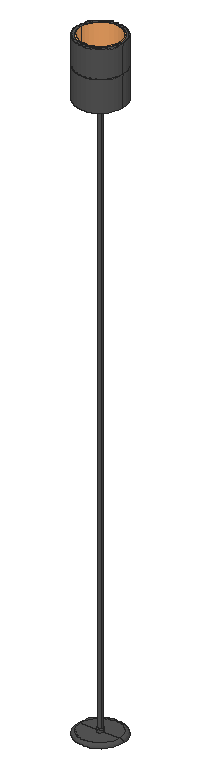
Revit family "MELO CYLINDER PENDANT LIGHT", category Lighting Fixtures, host Face, Revit 2020 (continued)
Types (16): name | Wattage_Input | Wattage Comments | Wattage | Voltage_Input | Size 08 | Size 06 | Size 04 | Selectable Wattage | Photometric Web File | Pendent Rod Length_1 | Pendent | Order number | built-in parameter 1150142 | Model | built-in parameter 1150105 | Lumens | built-in parameter 1150106 | Fixture Diameter | Canopy for Surface Mount J-box | Canopy for Recessed J-Box | Canopy Height | C2 H | C1 H | BEAMING ANGLE
  MELO06R-SP30801-10D-36-GD-BK | 40 W | "40W/30W/20W" | 28.2748 W | 0 V | no | yes | no | 40 W | "MELO06R_SP30801_10D_36.IES" | 4' - 0" | yes | "17296" | "IESNA:LM-63-2002\r\n[TEST] \r\n[TESTLAB] EVERFINE\r\n[TESTDATE] 2023-03-15\r\n[ISSUEDATE] 2023-03-16 13:53:39\r\n[NEARFIELD] \r\n[LAMPPOSITION] 0,0\r\n[OTHER] EVERFINE GO-2000B_V1 SYSTEM\r\n[MANUFAC] Aboveall lighting\r\n[LUMINAIRE] MELO06R-SP30801-10D-36\r\n[OTHER] \r\n[OTHER] Gamma(deg)    Fz(lm)      Ft(lm)     %Lum    %Lamp\r\n[OTHER]   0- 10      1101.39     1101.39    21.78    21.78\r\n[OTHER]  10- 20      2222.30     3323.70    65.72    65.72\r\n[OTHER]  20- 30      1204.20     4527.90    89.53    89.53\r\n[OTHER]  30- 40       332.93     4860.83    96.11    96.11\r\n[OTHER]  40- 50       102.21     4963.04    98.13    98.13\r\n[OTHER]  50- 60        36.37     4999.40    98.85    98.85\r\n[OTHER]  60- 70        25.71     5025.11    99.36    99.36\r\n[OTHER]  70- 80        14.29     5039.41    99.64    99.64\r\n[OTHER]  80- 90         4.27     5043.68    99.72    99.72\r\n[OTHER]  90-100         0.15     5043.83    99.73    99.73\r\n[OTHER] 100-110         0.17     5044.00    99.73    99.73\r\n[OTHER] 110-120         0.22     5044.22    99.73    99.73\r\n[OTHER] 120-130         0.37     5044.59    99.74    99.74\r\n[OTHER] 130-140         0.84     5045.43    99.76    99.76\r\n[OTHER] 140-150         2.24     5047.68    99.80    99.80\r\n[OTHER] 150-160         4.04     5051.71    99.88    99.88\r\n[OTHER] 160-170         4.13     5055.84    99.96    99.96\r\n[OTHER] 170-180         1.82     5057.67   100.00   100.00\r\n[OTHER] \r\nTILT=NONE\r\n1 -1 1 181 25 1 2 -0.150 -0.150 0.000\r\n1.000 1 45.3\r\n0.0    1.0    2.0    3.0    4.0    5.0    6.0    7.0    8.0    9.0    \r\n 10.0   11.0   12.0   13.0   14.0   15.0   16.0   17.0   18.0   19.0   \r\n 20.0   21.0   22.0   23.0   24.0   25.0   26.0   27.0   28.0   29.0   \r\n 30.0   31.0   32.0   33.0   34.0   35.0   36.0   37.0   38.0   39.0   \r\n 40.0   41.0   42.0   43.0   44.0   45.0   46.0   47.0   48.0   49.0   \r\n 50.0   51.0   52.0   53.0   54.0   55.0   56.0   57.0   58.0   59.0   \r\n 60.0   61.0   62.0   63.0   64.0   65.0   66.0   67.0   68.0   69.0   \r\n 70.0   71.0   72.0   73.0   74.0   75.0   76.0   77.0   78.0   79.0   \r\n 80.0   81.0   82.0   83.0   84.0   85.0   86.0   87.0   88.0   89.0   \r\n 90.0   91.0   92.0   93.0   94.0   95.0   96.0   97.0   98.0   99.0   \r\n 100.0  101.0  102.0  103.0  104.0  105.0  106.0  107.0  108.0  109.0  \r\n 110.0  111.0  112.0  113.0  114.0  115.0  116.0  117.0  118.0  119.0  \r\n 120.0  121.0  122.0  123.0  124.0  125.0  126.0  127.0  128.0  129.0  \r\n 130.0  131.0  132.0  133.0  134.0  135.0  136.0  137.0  138.0  139.0  \r\n 140.0  141.0  142.0  143.0  144.0  145.0  146.0  147.0  148.0  149.0  \r\n 150.0  151.0  152.0  153.0  154.0  155.0  156.0  157.0  158.0  159.0  \r\n 160.0  161.0  162.0  163.0  164.0  165.0  166.0  167.0  168.0  169.0  \r\n 170.0  171.0  172.0  173.0  174.0  175.0  176.0  177.0  178.0  179.0  \r\n 180.0  \r\n0.0    15.0   30.0   45.0   60.0   75.0   90.0   105.0  120.0  135.0  \r\n 150.0  165.0  180.0  195.0  210.0  225.0  240.0  255.0  270.0  285.0  \r\n 300.0  315.0  330.0  345.0  360.0  \r\n12402.91 12392.51 12350.66 12274.68 12175.36 12051.26 11876.48 11661.26 11412.75 11145.11 \r\n 10829.91 10481.81 10081.30 9646.91  9168.07  8652.15  8125.55  7538.90  6909.34  6238.51  \r\n 5592.95  4959.88  4367.73  3819.18  3305.35  2847.72  2423.99  2054.65  1727.46  1447.16  \r\n 1232.07  1017.77  856.26   727.08   625.52   544.19   472.65   414.47   359.38   299.54   \r\n 261.06   232.66   204.18   176.06   150.58   129.56   114.58   102.85   92.61    80.49    \r\n 62.06    52.82    46.46    42.49    40.16    38.70    37.36    36.02    34.72    33.36    \r\n 31.97    30.87    29.47    28.14    26.84    25.55    24.27    22.99    21.73    20.50    \r\n 19.28    18.08    16.90    15.77    14.64    13.55    12.48    11.43    10.43    9.45     \r\n 8.49     7.55     6.62     5.76     4.91     4.12     3.32     2.55     1.82     1.13     \r\n 0.45     0.14     0.14     0.14     0.14     0.14     0.14     0.14     0.14     0.15     \r\n 0.15     0.15     0.15     0.15     0.15     0.15     0.15     0.15     0.15     0.15     \r\n 0.16     0.17     0.18     0.21     0.22     0.22     0.22     0.22     0.24     0.25     \r\n 0.28     0.29     0.29     0.31     0.38     0.39     0.39     0.44     0.46     0.51     \r\n 0.54     0.59     0.66     0.76     0.82     0.91     1.03     1.19     1.32     1.49     \r\n 1.68     1.92     2.17     2.46     2.78     3.13     3.52     3.94     4.38     4.85     \r\n 5.37     5.88     6.43     7.01     7.59     8.22     8.80     9.40     10.00    10.62    \r\n 11.20    11.80    12.39    12.95    13.51    14.08    14.66    15.23    15.80    16.32    \r\n 16.86    17.40    17.92    18.41    18.90    19.37    19.80    20.20    20.52    20.76    \r\n 20.88    \r\n12375.28 12368.85 12330.69 12265.49 12173.26 12052.93 11892.31 11693.26 11453.79 11183.65 \r\n 10864.85 10520.69 10122.65 9693.73  9226.44  8725.13  8203.45  7614.25  6987.61  6325.36  \r\n 5683.94  5048.50  4455.22  3897.60  3387.79  2916.16  2502.25  2117.83  1783.22  1501.77  \r\n 1257.53  1054.16  885.60   751.67   646.67   560.97   487.94   426.30   370.80   317.39   \r\n 264.22   235.51   206.78   178.50   152.21   130.99   115.10   103.31   93.21    81.64    \r\n 63.08    53.14    46.60    42.43    40.07    38.55    37.24    35.96    34.64    33.38    \r\n 31.93    30.80    29.46    28.10    26.80    25.54    24.24    22.97    21.72    20.50    \r\n 19.29    18.10    16.92    15.78    14.66    13.57    12.48    11.47    10.45    9.50     \r\n 8.54     7.63     6.72     5.88     5.02     4.22     3.43     2.67     1.93     1.25     \r\n 0.51     0.12     0.12     0.13     0.12     0.13     0.13     0.13     0.13     0.14     \r\n 0.15     0.14     0.16     0.16     0.16     0.16     0.16     0.16     0.16     0.17     \r\n 0.18     0.20     0.20     0.21     0.22     0.23     0.24     0.25     0.27     0.27     \r\n 0.28     0.30     0.32     0.34     0.36     0.38     0.42     0.44     0.48     0.52     \r\n 0.56     0.62     0.67     0.75     0.83     0.93     1.04     1.16     1.31     1.48     \r\n 1.68     1.89     2.14     2.43     2.73     3.09     3.45     3.86     4.30     4.77     \r\n 5.28     5.79     6.34     6.89     7.47     8.04     8.64     9.23     9.85     10.44    \r\n 11.06    11.66    12.25    12.82    13.41    13.99    14.55    15.12    15.66    16.19    \r\n 16.73    17.27    17.80    18.31    18.80    19.31    19.78    20.16    20.48    20.73    \r\n 20.88    \r\n12360.22 12345.17 12293.41 12227.18 12129.37 12007.62 11839.90 11636.94 11384.37 11101.68 \r\n 10770.84 10401.47 9993.22  9558.75  9079.91  8568.68  8030.90  7431.93  6785.83  6137.75  \r\n 5493.87  4872.53  4289.42  3752.23  3256.81  2806.88  2393.08  2026.65  1707.93  1435.69  \r\n 1224.03  1013.10  854.52   729.10   629.11   546.72   474.20   417.54   350.62   295.01   \r\n 258.76   228.92   197.78   169.01   146.08   123.22   109.06   97.96    88.37    74.40    \r\n 58.85    50.48    45.00    41.70    39.64    38.26    36.91    35.45    34.13    32.84    \r\n 31.67    30.40    29.02    27.73    26.43    25.15    23.87    22.61    21.38    20.17    \r\n 18.98    17.78    16.62    15.51    14.39    13.32    12.27    11.23    10.23    9.27     \r\n 8.32     7.39     6.49     5.62     4.81     4.01     3.24     2.49     1.76     1.06     \r\n 0.41     0.15     0.14     0.15     0.16     0.15     0.15     0.17     0.16     0.16     \r\n 0.16     0.16     0.16     0.16     0.16     0.16     0.16     0.16     0.16     0.16     \r\n 0.16     0.17     0.18     0.19     0.21     0.22     0.22     0.22     0.24     0.25     \r\n 0.28     0.29     0.30     0.31     0.35     0.36     0.39     0.43     0.45     0.51     \r\n 0.54     0.60     0.66     0.73     0.82     0.92     1.04     1.18     1.33     1.51     \r\n 1.70     1.94     2.20     2.49     2.82     3.19     3.57     3.98     4.43     4.90     \r\n 5.43     5.95     6.48     7.07     7.63     8.24     8.80     9.40     10.01    10.64    \r\n 11.22    11.79    12.36    12.93    13.50    14.07    14.63    15.19    15.74    16.26    \r\n 16.78    17.34    17.86    18.37    18.85    19.33    19.77    20.15    20.47    20.70    \r\n 20.88    \r\n12342.04 12328.45 12277.55 12207.17 12112.56 11988.94 11828.24 11621.19 11379.74 11094.87 \r\n 10757.49 10383.11 9969.95  9531.01  9046.56  8519.10  7963.27  7337.78  6696.72  6048.63  \r\n 5418.27  4813.18  4250.66  3718.30  3249.33  2780.91  2374.00  2008.27  1690.53  1424.09  \r\n 1192.90  1002.16  847.77   722.19   625.62   540.98   471.70   413.62   345.33   299.63   \r\n 254.09   224.53   192.97   164.41   139.53   118.87   106.52   96.05    85.82    72.50    \r\n 57.48    49.93    44.54    41.19    39.28    37.84    36.50    35.13    33.89    32.65    \r\n 31.45    30.29    28.95    27.68    26.35    25.09    23.80    22.54    21.31    20.09    \r\n 18.88    17.71    16.54    15.40    14.32    13.23    12.16    11.16    10.16    9.21     \r\n 8.28     7.37     6.48     5.65     4.81     4.02     3.24     2.49     1.77     1.10     \r\n 0.39     0.12     0.12     0.13     0.13     0.13     0.13     0.14     0.14     0.14     \r\n 0.14     0.14     0.14     0.15     0.15     0.16     0.17     0.17     0.19     0.19     \r\n 0.19     0.20     0.21     0.21     0.22     0.23     0.24     0.25     0.27     0.28     \r\n 0.29     0.31     0.33     0.35     0.37     0.39     0.42     0.45     0.49     0.53     \r\n 0.57     0.63     0.70     0.77     0.86     0.95     1.07     1.21     1.36     1.54     \r\n 1.73     1.97     2.22     2.51     2.83     3.19     3.57     3.99     4.42     4.90     \r\n 5.39     5.91     6.46     7.01     7.60     8.19     8.80     9.39     9.99     10.60    \r\n 11.20    11.80    12.40    12.96    13.53    14.11    14.68    15.26    15.80    16.33    \r\n 16.88    17.43    17.95    18.48    19.00    19.48    19.91    20.28    20.57    20.77    \r\n 20.88    \r\n12330.52 12308.74 12247.06 12163.84 12058.82 11936.06 11763.18 11550.79 11299.04 11007.46 \r\n 10648.40 10258.55 9835.08  9370.89  8864.52  8306.09  7729.45  7078.04  6430.35  5762.59  \r\n 5144.24  4547.10  3996.61  3484.62  3009.65  2592.29  2198.08  1858.99  1563.55  1334.63  \r\n 1106.55  933.87   792.19   680.04   590.53   515.19   449.93   397.11   327.18   280.22   \r\n 246.38   216.51   185.21   157.01   135.85   114.77   102.17   92.37    83.19    66.71    \r\n 55.44    48.44    43.62    40.78    39.05    37.64    36.28    34.95    33.73    32.43    \r\n 31.34    30.11    28.76    27.47    26.16    24.87    23.58    22.31    21.07    19.86    \r\n 18.66    17.47    16.31    15.20    14.09    13.02    11.97    10.96    9.97     9.02     \r\n 8.07     7.15     6.26     5.42     4.60     3.79     3.03     2.28     1.58     0.88     \r\n 0.27     0.15     0.14     0.14     0.15     0.15     0.14     0.15     0.15     0.16     \r\n 0.16     0.16     0.16     0.16     0.16     0.16     0.16     0.16     0.16     0.16     \r\n 0.16     0.17     0.19     0.21     0.21     0.22     0.22     0.22     0.23     0.25     \r\n 0.28     0.28     0.29     0.34     0.36     0.38     0.39     0.43     0.47     0.51     \r\n 0.56     0.62     0.69     0.76     0.86     0.96     1.09     1.23     1.39     1.57     \r\n 1.78     2.01     2.28     2.59     2.93     3.29     3.69     4.10     4.57     5.05     \r\n 5.59     6.11     6.63     7.22     7.79     8.41     8.99     9.61     10.19    10.81    \r\n 11.37    11.97    12.55    13.13    13.71    14.29    14.84    15.39    15.95    16.51    \r\n 17.06    17.63    18.17    18.67    19.13    19.59    19.99    20.29    20.52    20.67    \r\n 20.88    \r\n12318.25 12293.79 12236.12 12143.08 12037.60 11906.48 11746.52 11519.30 11279.08 10971.03 \r\n 10616.98 10215.60 9778.93  9339.48  8796.29  8267.66  7635.24  7005.43  6307.68  5669.69  \r\n 5009.54  4446.31  3884.61  3394.27  2946.46  2499.47  2144.86  1794.85  1516.63  1275.66  \r\n 1061.81  905.57   765.44   665.29   575.49   505.55   442.66   390.55   328.17   286.46   \r\n 244.87   215.25   186.56   157.66   134.64   116.56   103.74   94.10    83.99    68.68    \r\n 56.01    48.56    43.76    40.77    39.11    37.73    36.40    35.06    33.84    32.66    \r\n 31.54    30.26    28.85    27.56    26.22    24.94    23.64    22.36    21.10    19.88    \r\n 18.66    17.49    16.31    15.18    14.09    12.99    11.94    10.95    9.97     9.00     \r\n 8.07     7.16     6.27     5.44     4.58     3.80     3.01     2.26     1.54     0.86     \r\n 0.20     0.12     0.12     0.12     0.13     0.13     0.13     0.13     0.13     0.14     \r\n 0.14     0.14     0.15     0.15     0.16     0.16     0.17     0.18     0.18     0.19     \r\n 0.19     0.21     0.21     0.22     0.22     0.24     0.24     0.26     0.26     0.27     \r\n 0.29     0.31     0.33     0.35     0.37     0.41     0.43     0.47     0.50     0.55     \r\n 0.60     0.65     0.72     0.80     0.89     1.00     1.13     1.27     1.43     1.62     \r\n 1.82     2.06     2.33     2.63     2.95     3.32     3.71     4.13     4.59     5.06     \r\n 5.57     6.10     6.64     7.21     7.80     8.40     8.98     9.58     10.19    10.78    \r\n 11.36    11.95    12.54    13.11    13.71    14.29    14.87    15.44    16.00    16.54    \r\n 17.09    17.65    18.18    18.67    19.08    19.50    19.87    20.18    20.41    20.58    \r\n 20.88    \r\n12587.43 12563.79 12504.65 12414.77 12301.24 12168.92 11993.87 11772.44 11512.44 11209.24 \r\n 10837.67 10432.86 9991.58  9517.37  8992.41  8415.74  7786.05  7110.74  6420.65  5746.65  \r\n 5095.22  4488.53  3940.81  3425.34  2983.42  2542.27  2166.61  1821.80  1531.97  1285.80  \r\n 1081.04  913.97   777.63   668.90   583.00   511.53   445.92   394.07   334.85   292.74   \r\n 250.82   223.05   193.46   165.75   141.89   123.41   109.52   98.42    87.88    71.59    \r\n 57.86    49.97    44.86    41.98    40.25    38.98    37.66    36.34    35.11    33.74    \r\n 32.57    31.29    29.86    28.52    27.17    25.80    24.47    23.15    21.84    20.58    \r\n 19.31    18.09    16.89    15.72    14.57    13.44    12.36    11.31    10.28    9.28     \r\n 8.33     7.38     6.47     5.58     4.73     3.90     3.10     2.31     1.57     0.84     \r\n 0.19     0.12     0.12     0.13     0.13     0.13     0.13     0.13     0.13     0.14     \r\n 0.14     0.15     0.15     0.16     0.16     0.17     0.17     0.18     0.18     0.19     \r\n 0.20     0.20     0.21     0.21     0.22     0.23     0.25     0.26     0.28     0.29     \r\n 0.30     0.33     0.34     0.36     0.39     0.42     0.45     0.49     0.52     0.57     \r\n 0.63     0.69     0.77     0.85     0.95     1.06     1.19     1.36     1.53     1.73     \r\n 1.97     2.23     2.53     2.87     3.24     3.64     4.10     4.59     5.08     5.63     \r\n 6.19     6.79     7.39     8.01     8.65     9.29     9.95     10.61    11.27    11.92    \r\n 12.56    13.19    13.79    14.39    14.97    15.55    16.11    16.67    17.21    17.73    \r\n 18.24    18.74    19.22    19.67    20.07    20.45    20.80    21.06    21.26    21.36    \r\n 20.88    \r\n12547.32 12518.24 12451.22 12357.55 12235.45 12086.71 11897.93 11667.44 11400.86 11071.45 \r\n 10694.01 10278.08 9830.78  9346.08  8804.62  8214.73  7579.61  6901.59  6222.68  5542.36  \r\n 4909.00  4310.85  3774.57  3275.04  2824.24  2419.47  2056.94  1734.66  1465.32  1250.59  \r\n 1036.39  875.31   748.11   642.45   562.00   491.05   428.57   379.94   324.07   280.78   \r\n 248.59   220.89   191.19   164.08   143.01   121.99   108.63   97.41    86.27    67.71    \r\n 56.52    49.10    44.58    41.99    40.45    39.06    37.75    36.39    35.15    33.68    \r\n 32.60    31.19    29.84    28.46    27.12    25.74    24.41    23.10    21.79    20.53    \r\n 19.22    18.06    16.81    15.69    14.46    13.31    12.29    11.23    10.21    9.18     \r\n 8.19     7.26     6.33     5.44     4.52     3.70     2.95     2.16     1.39     0.67     \r\n 0.17     0.14     0.14     0.14     0.14     0.14     0.14     0.15     0.16     0.16    
